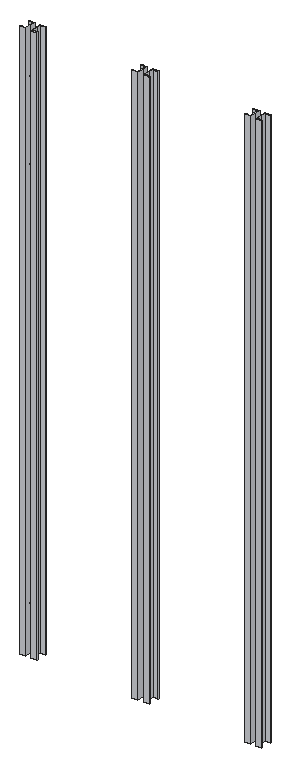
Revit family "020320_Platform Beam BR", category Generic Models, Revit 2019
Family settings
  Can host rebar = No
  Round Connector Dimension = Use Diameter
  Part Type = Normal
  Work Plane-Based = No
  Always vertical = Yes
  Cut with Voids When Loaded = No
  Shared = No
  Room Calculation Point = No
Reference planes
  plane 1 "Center (Front/Back)": y = 0
  plane 2: z = 0
  plane 3 "Center (Left/Right)": x = 0
  plane 4: x = 32
  plane 5: z = 5000
  plane 6: z = -4495
  plane 7: z = 2500
Forms (mm)
  Extrusion 1, solid
    sketch origin (0, 0, 0) x (1, 0, 0) y (0, 1, 0)
      loop
        line (-26, 0) -> (-26, 50) -> (-76, 50) -> (-76, 45) -> (-31, 42.3) -> (-31, 0) -> (-31, -42.3) -> (-76, -45) -> (-76, -50) -> (-26, -50) -> (-26, 0)
      loop
        line (26, 0) -> (26, -50) -> (76, -50) -> (76, -45) -> (31, -42.3) -> (31, 0) -> (31, 42.3) -> (76, 45) -> (76, 50) -> (26, 50) -> (26, 0)
    from 0 to 5000
  Extrusion 2, void
    sketch origin (-26, 0, 0) x (0, -1, 0) y (0, 0, 1)
      loop
        circle (0, 4600) r 8.5
      loop
        circle (0, 3900) r 8.5
      loop
        circle (0, 3200) r 8.5
      loop
        circle (0, 2500) r 8.5
      loop
        circle (0, 1800) r 8.5
      loop
        circle (0, 1100) r 8.5
      loop
        circle (0, 400) r 8.5
    from -179.14 to 89.155
  Extrusion 3, solid
    sketch origin (1000, 0, 0) x (1, 0, 0) y (0, 1, 0)
      loop
        line (-26, 0) -> (-26, 50) -> (-76, 50) -> (-76, 45) -> (-31, 42.3) -> (-31, 0) -> (-31, -42.3) -> (-76, -45) -> (-76, -50) -> (-26, -50) -> (-26, 0)
      loop
        line (26, 0) -> (26, -50) -> (76, -50) -> (76, -45) -> (31, -42.3) -> (31, 0) -> (31, 42.3) -> (76, 45) -> (76, 50) -> (26, 50) -> (26, 0)
    from 0 to 5000
  Extrusion 4, solid
    sketch origin (2000, 0, 0) x (1, 0, 0) y (0, 1, 0)
      loop
        line (-26, 0) -> (-26, 50) -> (-76, 50) -> (-76, 45) -> (-31, 42.3) -> (-31, 0) -> (-31, -42.3) -> (-76, -45) -> (-76, -50) -> (-26, -50) -> (-26, 0)
      loop
        line (26, 0) -> (26, -50) -> (76, -50) -> (76, -45) -> (31, -42.3) -> (31, 0) -> (31, 42.3) -> (76, 45) -> (76, 50) -> (26, 50) -> (26, 0)
    from 0 to 5000
Cuts and joins
  Extrusion 2 cuts Extrusion 1
Dimensions and locks
  aligned and locked: level to plane 2
